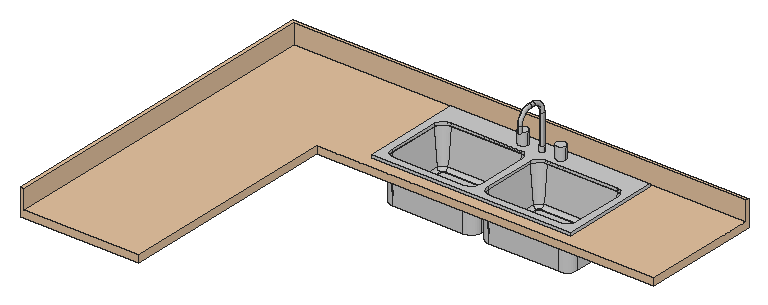
Revit family "Counter Top-L Shaped w Sink", category Casework, Revit 2023
Family settings
  OmniClass Number = 23.40.35.17.47.11
  OmniClass Title = Kitchen Casework
  Work Plane-Based = No
  Always vertical = Yes
  Cut with Voids When Loaded = No
  Shared = Yes
  Room Calculation Point = No
Parameters (values of type "24" Depth")
  Default Elevation = 0' - 0"
  Assembly Code = "C1030400"
  Counter Thickness = 0' - 1 1/2"
  Counter Top Material = none
  Depth = 2' - 1"
  Height = 3' - 0"
  Length - Leg 1 [instance] = 8' - 0"
  Length - Leg 2 [instance] = 6' - 0"
  Sink Location [instance] = 3' - 0"
  Sink Location To Wall [instance] = 0' - 6"
  Sink Opening Depth [instance] = 1' - 3"
  Sink Opening Width [instance] = 3' - 3"
Reference planes (in)
  plane 1 "Back": y = 0
  plane 2: z = 0
  plane 3 "Left": x = -47.2623
  plane 4 "Right": x = 48.7377
  plane 5 "Front": y = -25
  plane 6 "Top": z = 36
  plane 7 "Top Of Cabinet": z = 34.5
  plane 8: y = -0.75
  plane 9: z = 40
  plane 10: x = -22.2623
  plane 11: y = -72
  plane 12: x = -46.5123
  plane 13: x = -11.2623
  plane 14: x = 27.7377
  plane 15: y = -6
  plane 16: y = -21
Forms (in)
  Extrusion 1, solid, material <- "Counter Top Material"
    sketch origin (0, 0, 0) x (1, 0, 0) y (0, 1, 0)
      loop
        line (-47.2623, 0) -> (-47.2623, -72) -> (-22.2623, -72) -> (-22.2623, -25) -> (48.7377, -25) -> (48.7377, 0) -> (-47.2623, 0)
      loop
        arc (-9.2623, -6) -> (-10.67651, -6.58579) -> (-11.2623, -8) r 2
        line (-11.2623, -8) -> (-11.2623, -19)
        arc (-11.2623, -19) -> (-10.67651, -20.41421) -> (-9.2623, -21) r 2
        line (-9.2623, -21) -> (25.7377, -21)
        arc (25.7377, -21) -> (27.15192, -20.41421) -> (27.7377, -19) r 2
        line (27.7377, -19) -> (27.7377, -8)
        arc (27.7377, -8) -> (27.15192, -6.58579) -> (25.7377, -6) r 2
        line (25.7377, -6) -> (-9.2623, -6)
    from 34.5 to 36
  Extrusion 2, solid, material <- "Counter Top Material"
    sketch origin (0, 0, 0) x (1, 0, 0) y (0, 1, 0)
      loop
        line (48.7377, 0) -> (-47.2623, 0) -> (-47.2623, -0.75) -> (48.7377, -0.75) -> (48.7377, 0)
    from 36 to 40
  Extrusion 3, solid, material <- "Counter Top Material"
    sketch origin (0, 0, 0) x (1, 0, 0) y (0, 1, 0)
      loop
        line (-47.2623, -0.75) -> (-47.2623, -72) -> (-46.5123, -72) -> (-46.5123, -0.75) -> (-47.2623, -0.75)
    from 36 to 40
Cuts and joins
  joined: Extrusion 1, Extrusion 2, Extrusion 3
Lines and regions (in)
  Masking region 1
    outline origin (0, 0, 34.5) x (0, -1, 0) y (1, 0, 0)
      loop
        line (0, -47.2623) -> (72, -47.2623) -> (72, -22.2623) -> (25, -22.2623) -> (25, 48.7377) -> (0, 48.7377) -> (0, -47.2623)
  symbolic lines, style "Counter Top"
    curve 1: line (-46.5123, -0.75, 34.5) -> (48.7377, -0.75, 34.5)
    curve 2: line (-46.5123, -72, 34.5) -> (-46.5123, -0.75, 34.5)
  symbolic lines, style "Sink Opening"
    curve 3: line (25.7377, -6, 34.5) -> (-9.2623, -6, 34.5)
    curve 4: line (-9.2623, -21, 34.5) -> (25.7377, -21, 34.5)
    curve 5: line (-11.2623, -8, 34.5) -> (-11.2623, -19, 34.5)
    curve 6: line (27.7377, -19, 34.5) -> (27.7377, -8, 34.5)
    curve 7: arc (-11.2623, -8, 34.5) -> (-10.67651, -6.58579, 34.5) -> (-9.2623, -6, 34.5) r 2
    curve 8: arc (25.7377, -6, 34.5) -> (27.15192, -6.58579, 34.5) -> (27.7377, -8, 34.5) r 2
    curve 9: arc (-9.2623, -21, 34.5) -> (-10.67651, -20.41421, 34.5) -> (-11.2623, -19, 34.5) r 2
    curve 10: arc (27.7377, -19, 34.5) -> (27.15192, -20.41421, 34.5) -> (25.7377, -21, 34.5) r 2
Dimensions and locks (in)
  "Depth": plane 5 "Front" to plane 1 "Back"
  "Length - Leg 1": plane 3 "Left" to plane 4 "Right"
  "Height": level to plane 6 "Top"
  "Counter Thickness": plane 7 "Top Of Cabinet" to plane 6 "Top"
  locked: plane 8 to plane 1 "Back" at 0.75
  plane 6 "Top" to plane 9 = 0' - 4"
  "Depth": plane 3 "Left" to plane 10
  "Length - Leg 2": plane 11 to plane 1 "Back"
  locked: plane 3 "Left" to plane 12 at 0.75
  "Sink Location": plane 3 "Left" to plane 13
  "Sink Opening Width": plane 13 to plane 14
  "Sink Location To Wall": plane 15 to plane 1 "Back"
  "Sink Opening Depth": plane 15 to plane 16
  "Sink Location": plane 3 "Left" to nested 1
  "Sink Location To Wall": nested 1 to plane 1 "Back"
  aligned and locked: plane 1 "Back" to Extrusion 1 sketch curve
  aligned and locked: Extrusion 1 sketch curve to plane 5 "Front"
  aligned and locked: Extrusion 1 sketch curve to plane 3 "Left"
  aligned and locked: plane 6 "Top" to Extrusion 1
  aligned and locked: Extrusion 1 to plane 7 "Top Of Cabinet"
  aligned and locked: Extrusion 2 sketch curve to plane 1 "Back"
  aligned and locked: plane 8 to Extrusion 2 sketch curve
  aligned and locked: Extrusion 2 sketch curve to plane 4 "Right"
  aligned and locked: plane 3 "Left" to Extrusion 2 sketch curve
  aligned and locked: Extrusion 2 to plane 9
  aligned and locked: Extrusion 2 to plane 6 "Top"
  aligned and locked: plane 10 to Extrusion 1 sketch curve
  aligned and locked: plane 11 to Extrusion 1 sketch curve
  aligned and locked: plane 12 to Extrusion 3 sketch curve
  aligned and locked: Extrusion 3 to plane 8
  aligned and locked: plane 3 "Left" to Extrusion 3
  aligned and locked: Extrusion 3 to plane 9
  aligned and locked: Extrusion 3 to plane 6 "Top"
  aligned and locked: Extrusion 1 sketch curve to plane 15
  aligned and locked: Extrusion 1 sketch curve to plane 14
  aligned and locked: Extrusion 1 sketch curve to plane 16
  aligned and locked: plane 13 to Extrusion 1 sketch curve
  aligned and locked: nested 1 to plane 6 "Top"
  aligned and locked: plane 4 "Right" to Masking region 1 sketch curve
  aligned and locked: plane 1 "Back" to Masking region 1 sketch curve
  aligned and locked: Masking region 1 sketch curve to plane 3 "Left"
  aligned and locked: plane 11 to Masking region 1 sketch curve
  aligned and locked: Masking region 1 sketch curve to plane 10
  aligned and locked: plane 5 "Front" to Masking region 1 sketch curve
  aligned and locked: curve 3 to cut or joined group of Extrusion 1, Extrusion 2, Extrusion 3
  aligned and locked: curve 4 to cut or joined group of Extrusion 1, Extrusion 2, Extrusion 3
  aligned and locked: curve 7 to cut or joined group of Extrusion 1, Extrusion 2, Extrusion 3
  aligned and locked: curve 10 to cut or joined group of Extrusion 1, Extrusion 2, Extrusion 3
Automatic sketch dimensions
  plane 3 "Left" to Extrusion 3 sketch curve = 0' - 0"
  plane 11 to Extrusion 3 sketch curve = 0' - 0"
  plane 1 "Back" to Extrusion 3 sketch curve = 0' - 0 3/4"
  curve 1 to plane 4 "Right" = 0' - 0"
  curve 2 to plane 8 = 0' - 0"
  curve 2 to plane 11 = 0' - 0"
  curve 1 to plane 3 "Left" = 0' - 0 3/4"
  curve 4 to curve 3 = 0' - 0"
  curve 5 to curve 4 = 0' - 2"
  Extrusion 1 sketch curve to plane 4 "Right" = 0' - 0"
  plane 13 to Extrusion 1 sketch curve = 0' - 2"
  Extrusion 1 sketch curve to Extrusion 1 sketch curve = 0' - 2"
  Extrusion 1 sketch curve to plane 14 = 0' - 2"  (x2)
Nested families (in)
  nested 1: "Sink Kitchen-Double" at (7.62002, -12.09234, 0), type "42" x 21""
Definition of nested family "Sink Kitchen-Double"
  Parameters
    Default Elevation = 0' - 0"
    Assembly Code = "D2010410"
    Counter Height = 3' - 0"
    Depth = 1' - 9"
    Faucet Material = none
    Sink Material = none
    Width = 3' - 6"
  Reference planes (in)
    plane 1 "Center (Front/Back)": y = -1.40766
    plane 2: z = 0
    plane 3 "Center (Left/Right)": x = 0.61769
    plane 4: y = 10.59234
    plane 5: y = -10.40766
    plane 6: x = -20.38231
    plane 7: x = 21.61769
    plane 8 "Top Of Counter": z = 36
    plane 9: z = 36.5
    plane 10: z = 27.5
    plane 11: y = 6.09234
    plane 12: x = -18.88231
    plane 13: y = -8.90766
    plane 14: x = 20.11769
    plane 15: x = -3.38231
    plane 16: x = 4.61769
    plane 17: y = 8.34234
    plane 18: y = 8.34234
    plane 19: y = 8.34234
    plane 20: z = 46.375
    plane 21: y = 2.46734
    plane 22: z = 39
    plane 23: z = 37.5
    plane 24: x = -0.13231
    plane 25: x = 1.36769
    plane 26: x = -9.13231
    plane 27: x = 10.36769
    plane 28: z = 27.875
  Forms (in)
    Extrusion 1, solid, material <- "Sink Material"
      sketch origin (0, 0, 0) x (1, 0, 0) y (0, 1, 0)
        loop
          line (-20.38231, 10.59234) -> (-20.38231, -10.40766) -> (21.61769, -10.40766) -> (21.61769, 10.59234) -> (-20.38231, 10.59234)
        loop
          arc (-16.88231, 6.09234) -> (-18.29653, 5.50655) -> (-18.88231, 4.09234) r 2
          line (-18.88231, 4.09234) -> (-18.88231, -6.90766)
          arc (-18.88231, -6.90766) -> (-18.29653, -8.32187) -> (-16.88231, -8.90766) r 2
          line (-16.88231, -8.90766) -> (-2.13231, -8.90766)
          arc (-2.13231, -8.90766) -> (-0.7181, -8.32187) -> (-0.13231, -6.90766) r 2
          line (-0.13231, -6.90766) -> (-0.13231, 4.09234)
          arc (-0.13231, 4.09234) -> (-0.7181, 5.50655) -> (-2.13231, 6.09234) r 2
          line (-2.13231, 6.09234) -> (-16.88231, 6.09234)
        loop
          arc (18.11769, -8.90766) -> (19.5319, -8.32187) -> (20.11769, -6.90766) r 2
          line (20.11769, -6.90766) -> (20.11769, 4.09234)
          arc (20.11769, 4.09234) -> (19.5319, 5.50655) -> (18.11769, 6.09234) r 2
          line (18.11769, 6.09234) -> (3.36769, 6.09234)
          arc (3.36769, 6.09234) -> (1.95347, 5.50655) -> (1.36769, 4.09234) r 2
          line (1.36769, 4.09234) -> (1.36769, -6.90766)
          arc (1.36769, -6.90766) -> (1.95347, -8.32187) -> (3.36769, -8.90766) r 2
          line (3.36769, -8.90766) -> (18.11769, -8.90766)
      from 36 to 36.5
    Sweep 2, solid, material <- "Sink Material"
      path origin (0, 0, 0) x (1, 0, 0) y (0, 1, 0)
        loop
          arc (-16.88231, 6.09234) -> (-18.29653, 5.50655) -> (-18.88231, 4.09234) r 2
          line (-18.88231, 4.09234) -> (-18.88231, -6.90766)
          arc (-18.88231, -6.90766) -> (-18.29653, -8.32187) -> (-16.88231, -8.90766) r 2
          line (-16.88231, -8.90766) -> (-2.13231, -8.90766)
          arc (-2.13231, -8.90766) -> (-0.7181, -8.32187) -> (-0.13231, -6.90766) r 2
          line (-0.13231, -6.90766) -> (-0.13231, 4.09234)
          arc (-0.13231, 4.09234) -> (-0.7181, 5.50655) -> (-2.13231, 6.09234) r 2
          line (-2.13231, 6.09234) -> (-16.88231, 6.09234)
      profile origin (-9.50731, 0, 0) x (0, 1, 0) y (0, 0, 1)
        loop
          line (6.09234, 36) -> (5.44139, 28.55963)
          arc (5.44139, 28.55963) -> (5.20094, 28.07204) -> (4.69424, 27.875) r 0.75
          line (4.69424, 27.875) -> (4.59234, 27.875) -> (4.59234, 27.5) -> (6.34234, 27.5) -> (6.34234, 36) -> (6.09234, 36)
    Extrusion 3, solid, material <- "Sink Material"
      sketch origin (0, 0, 0) x (1, 0, 0) y (0, 1, 0)
        loop
          arc (-16.88231, 4.59234) -> (-17.23587, 4.44589) -> (-17.38231, 4.09234) r 0.5
          line (-17.38231, 4.09234) -> (-17.38231, -6.90766)
          arc (-17.38231, -6.90766) -> (-17.23587, -7.26121) -> (-16.88231, -7.40766) r 0.5
          line (-16.88231, -7.40766) -> (-2.13231, -7.40766)
          arc (-2.13231, -7.40766) -> (-1.77876, -7.26121) -> (-1.63231, -6.90766) r 0.5
          line (-1.63231, -6.90766) -> (-1.63231, 4.09234)
          arc (-1.63231, 4.09234) -> (-1.77876, 4.44589) -> (-2.13231, 4.59234) r 0.5
          line (-2.13231, 4.59234) -> (-16.88231, 4.59234)
        loop
          circle (-9.13231, -1.40766) r 1
      from 27.5 to 27.875
    Extrusion 4, solid, material <- "Faucet Material"
      sketch origin (0, 0, 0) x (1, 0, 0) y (0, 1, 0)
        loop
          circle (-3.38231, 8.34234) r 1
        loop
          circle (4.61769, 8.34234) r 1
      from 36.5 to 39
    Sweep 5, solid, material <- "Faucet Material"
      path origin (0.61769, 0, 0) x (0, 1, 0) y (0, 0, 1)
        loop
          line (8.34234, 36.5) -> (8.34234, 43.875)
          arc (8.34234, 43.875) -> (7.61011, 45.64277) -> (5.84234, 46.375) r 2.5
          line (5.84234, 46.375) -> (4.96734, 46.375)
          arc (4.96734, 46.375) -> (3.19957, 45.64277) -> (2.46734, 43.875) r 2.5
          line (2.46734, 43.875) -> (2.46734, 42.5)
      profile origin (0.61769, 0, 40.1875) x (0, -1, 0) y (1, 0, 0)
        loop
          circle (-8.34234, 0) r 0.375
    Extrusion 6, solid, material <- "Faucet Material"
      sketch origin (0, 0, 0) x (1, 0, 0) y (0, 1, 0)
        loop
          circle (0.61769, 8.34234) r 0.5
      from 36.5 to 37.5
    Sweep 7, solid, material <- "Sink Material"
      path origin (1.23537, 0, 0) x (-1, 0, 0) y (0, -1, 0)
        loop
          line (-16.88231, -6.09234) -> (-2.13231, -6.09234)
          arc (-2.13231, -6.09234) -> (-0.7181, -5.50655) -> (-0.13231, -4.09234) r 2
          line (-0.13231, -4.09234) -> (-0.13231, 6.90766)
          arc (-0.13231, 6.90766) -> (-0.7181, 8.32187) -> (-2.13231, 8.90766) r 2
          line (-2.13231, 8.90766) -> (-16.88231, 8.90766)
          arc (-16.88231, 8.90766) -> (-18.29653, 8.32187) -> (-18.88231, 6.90766) r 2
          line (-18.88231, 6.90766) -> (-18.88231, -4.09234)
          arc (-18.88231, -4.09234) -> (-18.29653, -5.50655) -> (-16.88231, -6.09234) r 2
      profile origin (10.74269, 0, 0) x (0, -1, 0) y (0, 0, 1)
        loop
          line (-6.09234, 36) -> (-6.34234, 36) -> (-6.34234, 27.5) -> (-4.59234, 27.5) -> (-4.59234, 27.875) -> (-4.69424, 27.875)
          arc (-4.69424, 27.875) -> (-5.20094, 28.07204) -> (-5.44139, 28.55963) r 0.75
          line (-5.44139, 28.55963) -> (-6.09234, 36)
    Extrusion 8, solid, material <- "Sink Material"
      sketch origin (0, 0, 0) x (1, 0, 0) y (0, 1, 0)
        loop
          arc (3.36769, 4.69424) -> (3.01413, 4.5478) -> (2.86769, 4.19424) r 0.5
          line (2.86769, 4.19424) -> (2.86769, -6.90766)
          arc (2.86769, -6.90766) -> (3.01413, -7.26121) -> (3.36769, -7.40766) r 0.5
          line (3.36769, -7.40766) -> (18.11769, -7.40766)
          arc (18.11769, -7.40766) -> (18.47124, -7.26121) -> (18.61769, -6.90766) r 0.5
          line (18.61769, -6.90766) -> (18.61769, 4.19424)
          arc (18.61769, 4.19424) -> (18.47124, 4.5478) -> (18.11769, 4.69424) r 0.5
          line (18.11769, 4.69424) -> (3.36769, 4.69424)
        loop
          circle (10.36769, -1.40766) r 1
      from 27.5 to 27.875
  Cuts and joins
    joined: Extrusion 1, Sweep 2, Sweep 7
    joined: Sweep 5, Extrusion 6
  Lines and regions (in)
    Masking region 1
      outline origin (0, 0, 36) x (0, -1, 0) y (1, 0, 0)
        loop
          line (-10.59234, -20.38231) -> (10.40766, -20.38231) -> (10.40766, 21.61769) -> (-10.59234, 21.61769) -> (-10.59234, -20.38231)
    symbolic lines
      curve 1: line (-18.88231, 4.09234, 36) -> (-18.88231, -6.90766, 36)
      curve 2: line (-16.88231, -8.90766, 36) -> (-2.13231, -8.90766, 36)
      curve 3: line (20.11769, -6.90766, 36) -> (20.11769, 4.09234, 36)
      curve 4: line (18.11769, 6.09234, 36) -> (3.36769, 6.09234, 36)
      curve 5: arc (20.11769, 4.09234, 36) -> (19.5319, 5.50655, 36) -> (18.11769, 6.09234, 36) r 2
      curve 6: arc (18.11769, -8.90766, 36) -> (19.5319, -8.32187, 36) -> (20.11769, -6.90766, 36) r 2
      curve 7: arc (-18.88231, -6.90766, 36) -> (-18.29653, -8.32187, 36) -> (-16.88231, -8.90766, 36) r 2
      curve 8: arc (-16.88231, 6.09234, 36) -> (-18.29653, 5.50655, 36) -> (-18.88231, 4.09234, 36) r 2
      curve 9: arc (1.11769, 8.34234, 36) -> (0.61769, 8.84234, 36) -> (0.11769, 8.34234, 36) r 0.5
      curve 10: line (0.11769, 8.34234, 36) -> (0.11769, 0.59234, 36)
      curve 11: line (1.11769, 8.34234, 36) -> (1.11769, 0.59234, 36)
      curve 12: arc (1.11769, 0.59234, 36) -> (0.61769, 0.09234, 36) -> (0.11769, 0.59234, 36) r 0.5
      curve 13: line (-0.13231, 4.09234, 36) -> (-0.13231, -6.90766, 36)
      curve 14: line (1.36769, 4.09234, 36) -> (1.36769, -6.90766, 36)
      curve 15: line (3.36769, -8.90766, 36) -> (18.11769, -8.90766, 36)
      curve 16: line (-2.13231, 6.09234, 36) -> (-16.88231, 6.09234, 36)
      curve 17: arc (3.36769, 6.09234, 36) -> (1.95347, 5.50655, 36) -> (1.36769, 4.09234, 36) r 2
      curve 18: arc (1.36769, -6.90766, 36) -> (1.95347, -8.32187, 36) -> (3.36769, -8.90766, 36) r 2
      curve 19: arc (-0.13231, -6.90766, 36) -> (-0.7181, -8.32187, 36) -> (-2.13231, -8.90766, 36) r 2
      curve 20: arc (-0.13231, 4.09234, 36) -> (-0.7181, 5.50655, 36) -> (-2.13231, 6.09234, 36) r 2
      curve 21: arc (-10.13231, -1.40766, 36) -> (-9.13231, -0.40766, 36) -> (-8.13231, -1.40766, 36) r 1
      curve 22: arc (-8.13231, -1.40766, 36) -> (-9.13231, -2.40766, 36) -> (-10.13231, -1.40766, 36) r 1
      curve 23: arc (9.36769, -1.40766, 36) -> (10.36769, -0.40766, 36) -> (11.36769, -1.40766, 36) r 1
      curve 24: arc (11.36769, -1.40766, 36) -> (10.36769, -2.40766, 36) -> (9.36769, -1.40766, 36) r 1
      curve 25: arc (-4.38231, 8.34234, 36) -> (-3.38231, 7.34234, 36) -> (-2.38231, 8.34234, 36) r 1
      curve 26: arc (-2.38231, 8.34234, 36) -> (-3.38231, 9.34234, 36) -> (-4.38231, 8.34234, 36) r 1
      curve 27: arc (3.61769, 8.34234, 36) -> (4.61769, 7.34234, 36) -> (5.61769, 8.34234, 36) r 1
      curve 28: arc (5.61769, 8.34234, 36) -> (4.61769, 9.34234, 36) -> (3.61769, 8.34234, 36) r 1
  Dimensions and locks (in)
    equal spacing: plane 6, plane 3 "Center (Left/Right)", plane 7
    "Width": plane 6 to plane 7
    "Depth": plane 5 to plane 4
    "Counter Height": plane 8 "Top Of Counter" to plane 2
    locked: plane 9 to plane 8 "Top Of Counter" at 0.5
    locked: plane 8 "Top Of Counter" to plane 10 at 8.5
    locked: plane 6 to plane 12 at 1.5
    locked: plane 14 to plane 7 at 1.5
    locked: plane 11 to plane 4 at 4.5
    locked: plane 5 to plane 13 at 1.5
    equal spacing: plane 11, plane 17, plane 4
    equal spacing: plane 11, plane 18, plane 4
    equal spacing: plane 4, plane 19, plane 11
    locked: plane 19 to plane 21 at 5.875
    locked: plane 20 to plane 9 at 9.875
    locked: plane 22 to plane 9 at 2.5
    locked: plane 23 to plane 9 at 1
    plane 24 to plane 3 "Center (Left/Right)" to plane 25 = 0' - 0 3/4" locked, 0' - 0 3/4" locked
    equal spacing: plane 12, plane 26, plane 3 "Center (Left/Right)"
    equal spacing: plane 3 "Center (Left/Right)", plane 27, plane 14
    equal spacing: plane 13, plane 1 "Center (Front/Back)", plane 11
    locked: plane 15 to plane 3 "Center (Left/Right)" at 4
    locked: plane 3 "Center (Left/Right)" to plane 16 at 4
    locked: plane 28 to plane 10 at 0.375
    aligned and locked: Extrusion 1 sketch curve to plane 5
    aligned and locked: plane 7 to Extrusion 1 sketch curve
    aligned and locked: plane 4 to Extrusion 1 sketch curve
    aligned and locked: Extrusion 1 sketch curve to plane 6
    aligned and locked: plane 8 "Top Of Counter" to Extrusion 1
    aligned and locked: Extrusion 1 to plane 9
    aligned and locked: plane 11 to Extrusion 1 sketch curve
    aligned and locked: plane 14 to Extrusion 1 sketch curve
    aligned and locked: Extrusion 1 sketch curve to plane 12
    aligned and locked: Extrusion 1 sketch curve to plane 13
    aligned and locked: plane 11 to Sweep 2 sketch curve
    aligned and locked: Sweep 2 sketch curve to plane 12
    aligned and locked: Sweep 2 sketch curve to plane 13
    aligned and locked: Sweep 2 to Extrusion 3 sketch curve  (x4)
    aligned and locked: plane 10 to Extrusion 3
    aligned and locked: Sweep 2 sketch curve to plane 10
    aligned and locked: plane 8 "Top Of Counter" to Sweep 2 sketch curve
    aligned and locked: Extrusion 4 to Extrusion 1
    aligned and locked: Extrusion 6 to Extrusion 1
    aligned and locked: Sweep 5 sketch curve to plane 19
    aligned and locked: plane 20 to Sweep 5 sketch curve
    aligned and locked: plane 21 to Sweep 5 sketch curve
    aligned and locked: Extrusion 4 to plane 22
    aligned and locked: Extrusion 6 to plane 23
    aligned and locked: Sweep 2 sketch curve to Extrusion 1
    aligned and locked: Sweep 7 sketch curve to plane 14
    aligned and locked: Sweep 7 sketch curve to Extrusion 1
    aligned and locked: Sweep 7 sketch curve to plane 11
    aligned and locked: plane 13 to Sweep 7 sketch curve
    aligned and locked: plane 10 to Extrusion 8
    aligned and locked: curve 21 to Extrusion 3
    aligned and locked: curve 23 to Extrusion 8
    aligned and locked: Extrusion 8 sketch curve to Sweep 7
    aligned and locked: Sweep 7 sketch curve to plane 8 "Top Of Counter"
    aligned and locked: plane 10 to Sweep 7 sketch curve
    aligned and locked: plane 4 to Masking region 1 sketch curve
    aligned and locked: plane 7 to Masking region 1 sketch curve
    aligned and locked: Masking region 1 sketch curve to plane 5
    aligned and locked: Masking region 1 sketch curve to plane 6
    aligned and locked: plane 15 to Extrusion 4 sketch curve
    aligned and locked: plane 17 to Extrusion 4 sketch curve  (x2)
    aligned and locked: plane 16 to Extrusion 4 sketch curve
    aligned and locked: curve 25 to Extrusion 4
    aligned and locked: curve 27 to Extrusion 4
    aligned and locked: Extrusion 3 to plane 28
    aligned and locked: Extrusion 8 to plane 28
  Automatic sketch dimensions
    Sweep 2 sketch curve to profile plane = 0' - 0"
    profile plane to Sweep 2 sketch curve = 0' - 0.65095"
    Sweep 2 sketch curve to Sweep 2 sketch curve = 0' - 0.74715"
    Sweep 2 sketch curve to Sweep 2 sketch curve = 0' - 0.10191"
    Sweep 2 sketch curve to profile plane = 0' - 0 1/4"
    Sweep 2 sketch curve to Sweep 2 sketch curve = 0' - 0 3/8"
    Sweep 2 sketch curve to Sweep 2 sketch curve = 0' - 0.68463"
    plane 15 to Extrusion 4 sketch curve = 0' - 1"
    plane 16 to Extrusion 4 sketch curve = 0' - 1"
    Sweep 5 sketch curve to plane 3 "Center (Left/Right)" = 0' - 0"
    Sweep 5 sketch curve to profile plane = 0' - 0"
    profile plane to Sweep 5 sketch curve = 0' - 0 3/8"
    Extrusion 6 sketch curve to plane 18 = 0' - 0"
    Extrusion 6 sketch curve to plane 3 "Center (Left/Right)" = 0' - 0"
    Extrusion 6 sketch curve to plane 3 "Center (Left/Right)" = 0' - 0 1/2"
    Sweep 5 sketch curve to plane 9 = 0' - 0"
    Sweep 5 sketch curve to Sweep 5 sketch curve = 0' - 2 1/2"
    plane 11 to Sweep 5 sketch curve = 0' - 0 1/4"
    Sweep 5 sketch curve to Sweep 5 sketch curve = 0' - 1 3/8"
    Extrusion 1 sketch curve to plane 13 = 0' - 0"
    Extrusion 1 sketch curve to plane 24 = 0' - 0"
    Extrusion 1 sketch curve to plane 25 = 0' - 0"
    Extrusion 1 sketch curve to plane 11 = 0' - 0"
    Extrusion 1 sketch curve to plane 12 = 0' - 2"  (x2)
    Extrusion 1 sketch curve to plane 3 "Center (Left/Right)" = 0' - 2 3/4"  (x2)
    plane 3 "Center (Left/Right)" to Extrusion 1 sketch curve = 0' - 2 3/4"  (x2)
    plane 14 to Extrusion 1 sketch curve = 0' - 2"
    Extrusion 1 sketch curve to Extrusion 1 sketch curve = 0' - 2"
    Sweep 2 sketch curve to plane 12 = 0' - 2"  (x2)
    Sweep 2 sketch curve to plane 3 "Center (Left/Right)" = 0' - 2 3/4"  (x2)
    plane 14 to Sweep 7 sketch curve = 0' - 2"  (x2)
    Sweep 7 sketch curve to Sweep 7 sketch curve = 0' - 2"
    plane 3 "Center (Left/Right)" to Sweep 7 sketch curve = 0' - 2 3/4"
    Extrusion 3 sketch curve to plane 1 "Center (Front/Back)" = 0' - 0"
    Extrusion 3 sketch curve to plane 26 = 0' - 0"
    Extrusion 3 sketch curve to Extrusion 3 sketch curve = 0' - 0 1/2"  (x4)
    plane 26 to Extrusion 3 sketch curve = 0' - 1"
    Extrusion 8 sketch curve to plane 1 "Center (Front/Back)" = 0' - 0"
    Extrusion 8 sketch curve to plane 27 = 0' - 0"
    plane 27 to Extrusion 8 sketch curve = 0' - 1"
    plane 3 "Center (Left/Right)" to Extrusion 8 sketch curve = 0' - 2 3/4"  (x2)
    Extrusion 8 sketch curve to Extrusion 8 sketch curve = 0' - 0 1/2"  (x2)
    plane 11 to Extrusion 8 sketch curve = 0' - 1.89809"
    Extrusion 8 sketch curve to plane 13 = 0' - 2"
    plane 7 to Extrusion 8 sketch curve = 0' - 3 1/2"
    Sweep 7 sketch curve to profile plane = 0' - 0"
    profile plane to Sweep 7 sketch curve = 0' - 0 1/4"
    Sweep 7 sketch curve to profile plane = 0' - 0.65095"
    Sweep 7 sketch curve to Sweep 7 sketch curve = 0' - 0.74715"
    Sweep 7 sketch curve to Sweep 7 sketch curve = 0' - 0.10191"
    Sweep 7 sketch curve to Sweep 7 sketch curve = 0' - 0.06537"
    Sweep 7 sketch curve to Sweep 7 sketch curve = 0' - 1.05963"
    curve 20 to plane 11 = 0' - 0"
    curve 17 to plane 11 = 0' - 0"
    curve 5 to plane 14 = 0' - 0"
    curve 1 to plane 12 = 0' - 0"
    curve 12 to plane 3 "Center (Left/Right)" = 0' - 0"
    curve 7 to plane 13 = 0' - 0"
    curve 18 to plane 13 = 0' - 0"
    plane 4 to curve 11 = 0' - 2 1/4"
    plane 11 to curve 5 = 0' - 2"
    plane 11 to curve 8 = 0' - 2"
    curve 13 to plane 3 "Center (Left/Right)" = 0' - 0 3/4"
    curve 14 to curve 13 = 0' - 0"
    curve 11 to plane 1 "Center (Front/Back)" = 0' - 2"
    plane 3 "Center (Left/Right)" to curve 14 = 0' - 0 3/4"
    curve 14 to plane 13 = 0' - 2"
    curve 13 to curve 14 = 0' - 0"
    curve 1 to plane 13 = 0' - 2"
    curve 6 to plane 13 = 0' - 2"
    curve 9 to plane 3 "Center (Left/Right)" = 0' - 0 1/2"
    curve 4 to curve 27 = 0' - 0 1/4"
